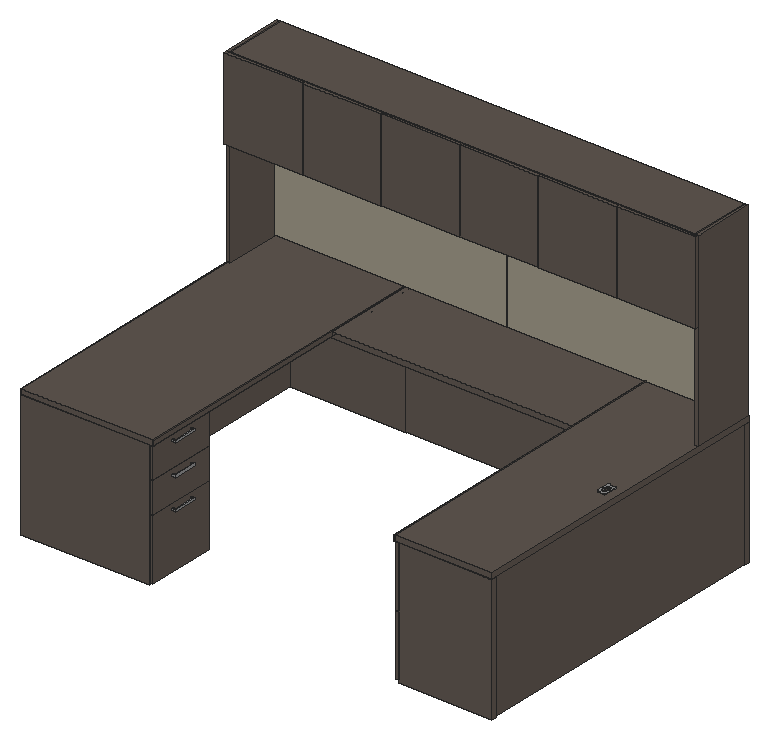
Revit family "T100140", category Furniture, Revit 2022
Family settings
  OmniClass Number = 23.40.20.00
  OmniClass Title = General Furniture and Specialties
  Work Plane-Based = No
  Always vertical = Yes
  Cut with Voids When Loaded = No
  Render Appearance Source = Family Geometry
  Shared = No
  Room Calculation Point = No
Parameters (values of type "T100140")
  URL = "https://ofs.com/"
  Model = "T100140"
  Manufacturer = "OFS"
  Description = "OFS TYPICAL T100140"
  Default Elevation = 0"
  Copyright © = "©OFS 2021"
  Catalog = "https://ofs.com/2020-experience"
  Authoring Version = "Autodesk Revit Architecture 2015"
  Assembly Code = "E2020400"
Reference planes (in)
  plane 1 "Center Front/Back": y = 0
  plane 2: z = 0
  plane 3 "Center Left/Right": x = 0
Dimensions and locks (in)
  aligned and locked: level to plane 2
Nested families (in)
  nested 1: "FIRST OFFICE-PULSE_TOPS_MDLR_CABINET_--22MCT" at (4.04171, 26.69484, 0) x (-1, 0, 0) z (0, 0, 1), type "PULSE_TOP_CABINET_4-5422MCT"
  nested 2: "FIRST OFFICE-PULSE_BACK_PANELS_--29MCB" at (4, 34.93664, 0) x (-1, 0, 0) z (0, 0, 1), type "PULSE-BACK-PANEL_4-5429MCB"
  nested 3: "FIRST OFFICE-PULSE_CREDENZA_SINGLE_PED_RIGHT" at (46.04171, -0.00087, 0) x (0, -1, 0) z (0, 0, 1), type "FIRST OFFICE-PULSE_CREDENZA_SINGLE_PED_RIGHT_4-7222FCRR"
    with TOP D SIZE yes, THICKNESS 1.188", CENTER GROMMET yes
  nested 4: "FIRST OFFICE-PULSE_TACKBOARDS_FOR_HIGHBACK_ORGNZRS" at (0.98624, 29.18629, 0), type "PULSE_TACKBOARD_FOR HIGHBACK_FT1080"
  nested 5: "FIRST OFFICE-PULSE_DESK_SINGLE_PED_LEFT" at (-34.77783, 0.01979, 0) x (0, 1, 0) z (0, 0, 1), type "PULSE_DESK_SNGL_PED_4-7230FLPD."
    with TOP D SIZE yes, THICKNESS 1.188"
  nested 6: "OFS PULSE HIGHBACK ORGANIZERS w 6 DOORS" at (0, 36.01526, 0.5), type "Highback Organizer 6 Doors 106x43"
Definition of nested family "FIRST OFFICE-PULSE_TOPS_MDLR_CABINET_--22MCT"
  Parameters (values of type "PULSE_TOP_CABINET_4-4822MCT")
    URL = "http://www.firstoffice.com/products/casegoods/pulse"
    TOP D SIZE = yes
    THICKNESS = if(TOP D SIZE, 1.188", 1.563")  # 1.188"
    ENVIRONMENTAL = "http://www.firstoffice.com/information/environment"
    TOP WIDTH = 48"
    TOP CORE = none
    Manufacturer = "FIRST OFFICE-PULSE"
    MODEL NUMBER = "4-4822MCT"
    MANUFACTURERS' CODE = "FOF"
    EDGE SHAPE = none
    Description = "PULSE MODULAR CABINET TOP 48X22"
    Default Elevation = 0"
    CATALOG CODE = "FOF"
  Types (13): name | TOP WIDTH | MODEL NUMBER | MANUFACTURERS' CODE | Description
    (no name) | 48" | "4-4822MCT" | "FOF" | "PULSE MODULAR CABINET TOP 48X22"
    PULSE_TOP_CABINET_4-3022MCT | 30" | "4-3022MCT" | "FOF" | "PULSE MODULAR CABINET TOP 30X22"
    PULSE_TOP_CABINET_4-3622MCT | 36" | "4-3622MCT" | "OFS" | "IMPULSE MODULAR CABINET TOP 36X22"
    PULSE_TOP_CABINET_4-4222MCT | 42" | "4-4222MCT" | "FOF" | "PULSE MODULAR CABINET TOP 42X22"
    PULSE_TOP_CABINET_4-4822MCT | 48" | "4-4822MCT" | "FOF" | "PULSE MODULAR CABINET TOP 48X22"
    PULSE_TOP_CABINET_4-5422MCT | 54" | "4-5422MCT" | "FOF" | "PULSE MODULAR CABINET TOP 54X22"
    PULSE_TOP_CABINET_4-6022MCT | 60" | "4-6022MCT" | "FOF" | "PULSE MODULAR CABINET TOP 60X22"
    PULSE_TOP_CABINET_4-6622MCT | 66" | "4-6622MCT" | "FOF" | "PULSE MODULAR CABINET TOP 66X22"
    PULSE_TOP_CABINET_4-7222MCT | 72" | "4-7222MCT" | "FOF" | "PULSE MODULAR CABINET TOP 72X22"
    PULSE_TOP_CABINET_4-7822MCT | 78" | "4-7822MCT" | "FOF" | "PULSE MODULAR CABINET TOP 78X22"
    PULSE_TOP_CABINET_4-8422MCT | 84" | "4-8422MCT" | "FOF" | "PULSE MODULAR CABINET TOP 84X22"
    PULSE_TOP_CABINET_4-9022MCT | 90" | "4-9022MCT" | "FOF" | "PULSE MODULAR CABINET TOP 90X22"
    PULSE_TOP_CABINET_4-9622MCT | 96" | "4-9622MCT" | "FOF" | "PULSE MODULAR CABINET TOP 96X22"
  Reference planes (in)
    plane 1 "Center Front/Back": y = 1.69571
    plane 2: z = 0
    plane 3 "Center Left/Right": x = 0
    plane 4 "LEFT": x = -24
    plane 5 "RIGHT": x = 24
    plane 6 "TOP TOP": z = 30
    plane 7 "TOP BOTTOM": z = 28.812
    plane 8: y = 12.69571
    plane 9: y = -9.30429
    plane 10: y = -9.17929
  Forms (in)
    Extrusion 1, solid, material <- "TOP CORE"
      sketch origin (0, 0, 30) x (0, 1, 0) y (-1, 0, 0)
        loop
          line (12.69571, 24) -> (-9.17929, 24) -> (-9.17929, -24) -> (12.69571, -24) -> (12.69571, 24)
      from -1.188 to 0
    Extrusion 2, solid, material <- "EDGE SHAPE"
      sketch origin (0, 10.4375, 0) x (0, 1, 0) y (0, 0, 1)
        loop
          line (-19.61679, 28.812) -> (-19.61679, 30)
          arc (-19.61679, 30) -> (-19.70518, 29.96339) -> (-19.74179, 29.875) r 0.125
          line (-19.74179, 29.875) -> (-19.74179, 28.937)
          arc (-19.74179, 28.937) -> (-19.70518, 28.84861) -> (-19.61679, 28.812) r 0.125
      from -24 to 24
  Lines and regions (in)
    Masking region 1
      outline origin (0, 0, 0) x (1, 0, 0) y (0, 1, 0)
        loop
          line (-24, 12.69571) -> (-24, -9.30429) -> (24, -9.30429) -> (24, 12.69571) -> (-24, 12.69571)
  Dimensions and locks (in)
    equal spacing: plane 4 "LEFT", plane 3 "Center Left/Right", plane 5 "RIGHT"
    "TOP WIDTH": plane 4 "LEFT" to plane 5 "RIGHT"
    locked: plane 9 to plane 8 at 22
    equal spacing: plane 9, plane 1 "Center Front/Back", plane 8
    "THICKNESS": plane 6 "TOP TOP" to plane 7 "TOP BOTTOM"
    locked: plane 9 to plane 10 at 0.125
    plane 7 "TOP BOTTOM" to plane 2 = 28.812"
    aligned: Extrusion 1 to plane 7 "TOP BOTTOM"
    aligned: Extrusion 1 to plane 6 "TOP TOP"
    aligned and locked: Extrusion 2 to plane 4 "LEFT"
    aligned and locked: plane 5 "RIGHT" to Extrusion 2
    aligned and locked: plane 8 to Extrusion 1 sketch curve
    aligned and locked: Extrusion 2 sketch curve to plane 9
    aligned and locked: plane 10 to Extrusion 2 sketch curve
    aligned and locked: plane 10 to Extrusion 1 sketch curve
    aligned and locked: Extrusion 2 sketch curve to plane 6 "TOP TOP"
    aligned and locked: Extrusion 2 sketch curve to plane 7 "TOP BOTTOM"
    aligned and locked: Extrusion 1 to plane 7 "TOP BOTTOM"
  Automatic sketch dimensions
    Extrusion 1 sketch curve to plane 4 "LEFT" = 0"
    Extrusion 1 sketch curve to plane 5 "RIGHT" = 0"
    Masking region 1 sketch curve to plane 4 "LEFT" = 0"
    Masking region 1 sketch curve to plane 5 "RIGHT" = 0"
    plane 9 to Masking region 1 sketch curve = 0"
    plane 8 to Masking region 1 sketch curve = 0"
Definition of nested family "FIRST OFFICE-PULSE_BACK_PANELS_--29MCB"
  Parameters (values of type "PULSE-BACK-PANEL_4-4829MCB")
    URL = "http://www.firstoffice.com/products/casegoods/pulse"
    Manufacturer = "FIRST OFFICE-PULSE"
    MODESTY VENEER = none
    MODEL NUMBER = "4-4829MCB"
    MANUFACTURERS' CODE = "FOF"
    ENVIRONMENT = "http://www.firstoffice.com/information/environment"
    Description = "PULSE BACK PANEL 48"
    Default Elevation = 0"
    CATALOG CODE = "FOF"
    MODESTY WIDTH = 48"
  Types (13): name | MODEL NUMBER | Description | MODESTY WIDTH
    (no name) | "4-4829MCB" | "PULSE BACK PANEL 48" | 48"
    PULSE-BACK-PANEL_4-3029MCB | "4-3029MCB" | "PULSE BACK PANEL 30" | 30"
    PULSE-BACK-PANEL_4-3629MCB | "4-3629MCB" | "PULSE BACK PANEL 36" | 36"
    PULSE-BACK-PANEL_4-4229MCB | "4-4229MCB" | "PULSE BACK PANEL 42" | 42"
    PULSE-BACK-PANEL_4-4829MCB | "4-4829MCB" | "PULSE BACK PANEL 48" | 48"
    PULSE-BACK-PANEL_4-5429MCB | "4-5429MCB" | "PULSE BACK PANEL 54" | 54"
    PULSE-BACK-PANEL_4-6029MCB | "4-6029MCB" | "PULSE BACK PANEL 60" | 60"
    PULSE-BACK-PANEL_4-6629MCB | "4-6629MCB" | "PULSE BACK PANEL 66" | 66"
    PULSE-BACK-PANEL_4-7229MCB | "4-7229MCB" | "PULSE BACK PANEL 72" | 72"
    PULSE-BACK-PANEL_4-7829MCB | "4-7829MCB" | "PULSE BACK PANEL 78" | 78"
    PULSE-BACK-PANEL_4-8429MCB | "4-8429MCB" | "PULSE BACK PANEL 84" | 84"
    PULSE-BACK-PANEL_4-9029MCB | "4-9029MCB" | "PULSE BACK PANEL 90" | 90"
    PULSE-BACK-PANEL_4-9629MCB | "4-9629MCB" | "PULSE BACK PANEL 96" | 96"
  Reference planes (in)
    plane 1 "BACK": y = 0
    plane 2: z = 0
    plane 3 "Center Left/Right": x = 0
    plane 4 "LEFT": x = -24
    plane 5 "RIGHT": x = 24
    plane 6 "FRONT": y = -1.063
    plane 7 "PANEL TOP": z = 28.687
    plane 8: z = 0.5
    plane 9: z = 28.562
    plane 10: y = -0.125
    plane 11: x = -23.875
    plane 12: x = 23.875
  Forms (in)
    Extrusion 1, solid, material <- "MODESTY VENEER"
      sketch origin (0, 0, 0) x (1, 0, 0) y (0, 0, 1)
        loop
          line (-24, 28.562) -> (-24, 0.5) -> (24, 0.5) -> (24, 28.562) -> (-24, 28.562)
      from 0 to 1.063
    Extrusion 2, solid
      sketch origin (0, 0, 28.687) x (0, 1, 0) y (-1, 0, 0)
        loop
          line (-0.125, 23.875) -> (-1.063, 23.875) -> (-1.063, -23.875) -> (-0.125, -23.875) -> (-0.125, 23.875)
      from -0.125 to 0
  Lines and regions (in)
    Masking region 1
      outline origin (0, 0, 0) x (1, 0, 0) y (0, 1, 0)
        loop
          line (-24, 0) -> (-24, -1.063) -> (24, -1.063) -> (24, 0) -> (-24, 0)
    Masking region 2
      outline origin (0, 0, 0) x (1, 0, 0) y (0, 1, 0)
        loop
          line (-24, 0) -> (-24, -1.063) -> (24, -1.063) -> (24, 0) -> (-24, 0)
  Dimensions and locks (in)
    "MODESTY WIDTH": plane 4 "LEFT" to plane 5 "RIGHT"
    locked: plane 7 "PANEL TOP" to plane 2 at 28.687
    equal spacing: plane 4 "LEFT", plane 3 "Center Left/Right", plane 5 "RIGHT"
    locked: plane 8 to plane 2 at 0.5
    locked: plane 7 "PANEL TOP" to plane 9 at 0.125
    locked: plane 4 "LEFT" to plane 11 at 0.125
    locked: plane 12 to plane 5 "RIGHT" at 0.125
    aligned and locked: Masking region 1 sketch curve to plane 4 "LEFT"
    aligned and locked: plane 5 "RIGHT" to Masking region 1 sketch curve
    aligned and locked: Extrusion 1 sketch curve to plane 4 "LEFT"
    aligned and locked: plane 5 "RIGHT" to Extrusion 1 sketch curve
    aligned: Extrusion 1 to plane 8
    aligned: plane 6 "FRONT" to Extrusion 1
    aligned and locked: plane 9 to Extrusion 1 sketch curve
    aligned and locked: plane 7 "PANEL TOP" to Extrusion 2
    aligned and locked: Extrusion 2 to plane 9
  Automatic sketch dimensions
    plane 6 "FRONT" to Masking region 1 sketch curve = 0"
    plane 1 "BACK" to Masking region 1 sketch curve = 0"
    Masking region 2 sketch curve to plane 4 "LEFT" = 0"
    plane 1 "BACK" to Masking region 2 sketch curve = 0"
    Masking region 2 sketch curve to plane 5 "RIGHT" = 0"
    plane 6 "FRONT" to Masking region 2 sketch curve = 0"
    Extrusion 1 sketch curve to plane 8 = 0"
    plane 6 "FRONT" to Extrusion 2 sketch curve = 0"
    plane 10 to Extrusion 2 sketch curve = 0"
    Extrusion 2 sketch curve to plane 12 = 0"
    Extrusion 2 sketch curve to plane 11 = 0"
Definition of nested family "FIRST OFFICE-PULSE_CREDENZA_SINGLE_PED_RIGHT"
  Parameters (values of type "FIRST OFFICE-PULSE_CREDENZA_SINGLE_PED_RIGHT_4-7222FCRR")
    URL = "http://www.firstoffice.com/products/casegoods/pulse"
    TOP D SIZE [instance] = yes
    THICKNESS [instance] = if(TOP D SIZE, 1.188", 1.563")  # 1.188"
    PEDESTAL HEIGHT = 28.187"
    Default Elevation = 0"
    DRAWER FRONT = none
    ENVIRONMENTAL = "http://www.firstoffice.com/information/environment"
    TOP CORE = none
    Manufacturer = "FIRST OFFICE-PULSE"
    MODEL NUMBER = "4-7222FCRR"
    MANUFACTURERS' CODE = "FOF"
    EDGE SHAPE = none
    Description = "PULSE SINGLE PED CREDENZA RIGHT FULL 72X22"
    CREDENZA WIDTH = 72"
    CHASSIS = none
    CENTER GROMMET [instance] = yes
    CATALOG CODE = "FOF"
  Types (6): name | URL | PEDESTAL HEIGHT | MODEL NUMBER | Description | CREDENZA WIDTH
    (no name) | "http://www.firstoffice.com/products/casegoods/pulse" | 28.187" | "4-7222FCRR" | "PULSE SINGLE PED CREDENZA RIGHT FULL 72X22" | 72"
    FIRST OFFICE-PULSE_CREDENZA_SINGLE_PED_RIGHT_4-6022FCRR | "http://www.firstoffice.com/products/casegoods/pulse\r\nhttp://www.firstoffice.com/products/casegoods/pulse\r\nhttp://www.firstoffice.com/products/casegoods/pulse" | 28.187" | "4-6022FCRR" | "PULSE SINGLE PED CREDENZA RIGHT FULL 60X22" | 60"
    FIRST OFFICE-PULSE_CREDENZA_SINGLE_PED_RIGHT_4-6622FCRR | "http://www.firstoffice.com/products/casegoods/pulse" | 28.187" | "4-6622FCRR" | "PULSE SINGLE PED CREDENZA RIGHT FULL 66X22" | 66"
    FIRST OFFICE-PULSE_CREDENZA_SINGLE_PED_RIGHT_4-7222FCRR | "http://www.firstoffice.com/products/casegoods/pulse" | 28.187" | "4-7222FCRR" | "PULSE SINGLE PED CREDENZA RIGHT FULL 72X22" | 72"
    FIRST OFFICE-PULSE_CREDENZA_SINGLE_PED_RIGHT_4-6622CRR | "http://www.firstoffice.com/products/casegoods/pulse" | 21 1/4" | "4-6622CRR" | "PULSE SINGLE PED CREDENZA 3/4 RIGHT 66X22" | 66"
    FIRST OFFICE-PULSE_CREDENZA_SINGLE_PED_RIGHT_4-7222CRR | "http://www.firstoffice.com/products/casegoods/pulse" | 21 1/4" | "4-7222CRR" | "PULSE SINGLE PED CREDENZA 3/4 RIGHT 72X22" | 72"
  Reference planes (in)
    plane 1 "Center Front/Back": y = -4
    plane 2: z = 0
    plane 3 "Center Left/Right": x = 0
    plane 4 "LEFT": x = -36
    plane 5 "RIGHT": x = 36
    plane 6 "DESK TOP": z = 30
    plane 7 "BASE HEIGHT": z = 28.812
    plane 8 "FRONT": y = -15
    plane 9 "PEDESTAL BOTTOM": z = 0.5
    plane 10 "PEDESTAL TOP": z = 28.687
    plane 11: z = 1.063
    plane 12 "PEDESTAL FRONT": y = -14
    plane 13 "DRAWER FRONT": y = -14.75
    plane 14: z = 14.813
    plane 15: z = 14.938
    plane 16: x = 35.937
    plane 17: x = 20.187
    plane 18: x = 20.124
    plane 19: x = -35
    plane 20: x = 34.937
    plane 21: x = 20.874
    plane 22: z = 1.25
    plane 23 "MODESTY PANEL": y = 7
    plane 24: y = 5.95
    plane 25: y = 6.7
    plane 26: z = 30.07
  Forms (in)
    Extrusion 1, solid, material <- "DRAWER FRONT"
      sketch origin (0, -14.75, 0) x (-1, 0, 0) y (0, 0, -1)
        loop
          line (-35.937, -14.813) -> (-20.187, -14.813) -> (-20.187, -1.063) -> (-35.937, -1.063) -> (-35.937, -14.813)
      from -0.75 to 0
    Extrusion 2, solid, material <- "DRAWER FRONT"
      sketch origin (0, -14.75, 0) x (-1, 0, 0) y (0, 0, -1)
        loop
          line (-35.937, -28.687) -> (-20.187, -28.687) -> (-20.187, -14.938) -> (-35.937, -14.938) -> (-35.937, -28.687)
      from -0.75 to 0
    Extrusion 3, solid, material <- "CHASSIS"
      sketch origin (-36, 0, 0) x (0, 1, 0) y (0, 0, 1)
        loop
          line (-15, 28.687) -> (-15, 0.499) -> (7, 0.499) -> (7, 28.687) -> (-15, 28.687)
      from 0 to 1
    Extrusion 4, solid, material <- "CHASSIS"
      sketch origin (36, 0, 0) x (0, 1, 0) y (0, 0, -1)
        loop
          line (-14, -28.687) -> (7, -28.687) -> (7, -0.499) -> (-14, -0.499) -> (-14, -28.687)
      from 0 to 1.063
    Extrusion 5, solid, material <- "CHASSIS"
      sketch origin (18, 0, 0) x (0, 1, 0) y (0, 0, -1)
        loop
          line (-14, -28.812) -> (5.95, -28.812) -> (5.95, -0.5) -> (-14, -0.5) -> (-14, -28.812)
      from -2.874 to -2.124
    Extrusion 6, solid, material <- "CHASSIS"
      sketch origin (0, 7, 0) x (-1, 0, 0) y (0, 0, 1)
        loop
          line (-34.937, 28.812) -> (-34.937, 0.499) -> (35, 0.499) -> (35, 28.812) -> (-34.937, 28.812)
      from -1.05 to -0.3
    Extrusion 7, solid, material <- "CHASSIS"
      sketch origin (0, 0, 0.5) x (0, 1, 0) y (-1, 0, 0)
        loop
          line (5.95, -20.874) -> (-14, -20.874) -> (-14, -34.937) -> (5.95, -34.937) -> (5.95, -20.874)
      from 0 to 0.75
    Extrusion 8, solid, material <- "TOP CORE"
      sketch origin (0, 0, 30) x (0, 1, 0) y (-1, 0, 0)
        loop
          line (7, 36) -> (-14.875, 36) -> (-14.875, -36) -> (7, -36) -> (7, 36)
      from -1.188 to 0
    Extrusion 9, solid, material <- "EDGE SHAPE"
      sketch origin (0, 0, 0) x (0, 1, 0) y (0, 0, 1)
        loop
          line (-14.875, 28.812) -> (-14.875, 30)
          arc (-14.875, 30) -> (-14.96339, 29.96339) -> (-15, 29.875) r 0.125
          line (-15, 29.875) -> (-15, 28.937)
          arc (-15, 28.937) -> (-14.96339, 28.84861) -> (-14.875, 28.812) r 0.125
      from -36 to 36
    Extrusion 10, solid
      sketch origin (19.03911, -15.37535, 22.938) x (-1, 0, 0) y (0, -1, 0)
        loop
          line (-11.74164, -0.62535) -> (-11.36664, -0.62535) -> (-11.36664, 0.18715) -> (-6.67914, 0.18715) -> (-6.67914, -0.62535) -> (-6.30414, -0.62535) -> (-6.30414, 0.37465) -> (-11.74164, 0.37465) -> (-11.74164, -0.62535)
      from 4.53125 to 5
    Extrusion 11, solid
      sketch origin (19.03911, -15.37535, 9.063) x (-1, 0, 0) y (0, -1, 0)
        loop
          line (-11.74164, -0.62535) -> (-11.36664, -0.62535) -> (-11.36664, 0.18715) -> (-6.67914, 0.18715) -> (-6.67914, -0.62535) -> (-6.30414, -0.62535) -> (-6.30414, 0.37465) -> (-11.74164, 0.37465) -> (-11.74164, -0.62535)
      from 4.53125 to 5
    Extrusion 12, solid
      sketch origin (0, 0, 28.687) x (0, 1, 0) y (-1, 0, 0)
        loop
          line (6.875, 35) -> (6.875, 35.875) -> (-14.875, 35.875) -> (-14.875, 35) -> (6.875, 35)
      from 0 to 0.125
    Extrusion 13, solid
      sketch origin (0, 0, 28.687) x (0, 1, 0) y (-1, 0, 0)
        loop
          line (6.875, -34.937) -> (-14, -34.937) -> (-14, -35.875) -> (6.875, -35.875) -> (6.875, -34.937)
      from 0 to 0.125
    Extrusion 14, solid, visible <- "CENTER GROMMET"
      sketch origin (0, -7, 29.972) x (0, 1, 0) y (-1, 0, 0)
        loop
          arc (12, 1.25) -> (11.87186, 1.55936) -> (11.5625, 1.6875) r 0.4375
          line (11.5625, 1.6875) -> (10.4375, 1.6875)
          arc (10.4375, 1.6875) -> (10.12814, 1.55936) -> (10, 1.25) r 0.4375
          line (10, 1.25) -> (10, 0) -> (10.62004, 0) -> (10.62004, 0.4375)
          arc (10.62004, 0.4375) -> (10.69471, 0.61779) -> (10.875, 0.69246) r 0.25496
          line (10.875, 0.69246) -> (11.125, 0.69246)
          arc (11.125, 0.69246) -> (11.30529, 0.61779) -> (11.37996, 0.4375) r 0.25496
          line (11.37996, 0.4375) -> (11.37996, 0) -> (12, 0) -> (12, 1.25)
      from 0.028 to 0.098
    Sweep 15, void
      path origin (0, -7, 30) x (0, 1, 0) y (-1, 0, 0)
        loop
          line (11.37996, 0) -> (11.37996, 0.4375)
          arc (11.37996, 0.4375) -> (11.30529, 0.61779) -> (11.125, 0.69246) r 0.25496
          line (11.125, 0.69246) -> (10.875, 0.69246)
          arc (10.875, 0.69246) -> (10.69471, 0.61779) -> (10.62004, 0.4375) r 0.25496
          line (10.62004, 0.4375) -> (10.62004, 0)
      profile origin (-0.69246, 4, 30) x (1, 0, 0) y (0, 0, 1)
        loop
          arc (-0.07, 0.07) -> (-0.0205, 0.0495) -> (0, 0) r 0.07
          line (0, 0) -> (0, 0.07) -> (-0.07, 0.07)
    Extrusion 16, solid, visible <- "CENTER GROMMET"
      sketch origin (0, -7, 29.942) x (0, 1, 0) y (-1, 0, 0)
        loop
          line (12, -1.25) -> (12, 0) -> (11.37996, 0) -> (11.37996, -0.4375)
          arc (11.37996, -0.4375) -> (11.30529, -0.61779) -> (11.125, -0.69246) r 0.25496
          line (11.125, -0.69246) -> (10.875, -0.69246)
          arc (10.875, -0.69246) -> (10.69471, -0.61779) -> (10.62004, -0.4375) r 0.25496
          line (10.62004, -0.4375) -> (10.62004, 0) -> (10, 0) -> (10, -1.25)
          arc (10, -1.25) -> (10.12814, -1.55936) -> (10.4375, -1.6875) r 0.4375
          line (10.4375, -1.6875) -> (11.5625, -1.6875)
          arc (11.5625, -1.6875) -> (11.87186, -1.55936) -> (12, -1.25) r 0.4375
      from 0.058 to 0.128
    Sweep 17, void
      path origin (0, -7, 30) x (0, 1, 0) y (1, 0, 0)
        loop
          line (11.37996, 0) -> (11.37996, 0.4375)
          arc (11.37996, 0.4375) -> (11.30529, 0.61779) -> (11.125, 0.69246) r 0.25496
          line (11.125, 0.69246) -> (10.875, 0.69246)
          arc (10.875, 0.69246) -> (10.69471, 0.61779) -> (10.62004, 0.4375) r 0.25496
          line (10.62004, 0.4375) -> (10.62004, 0)
      profile origin (0.69247, 4, 30) x (1, 0, 0) y (0, 0, 1)
        loop
          line (0.07, 0.07) -> (0, 0.07) -> (0, 0)
          arc (0, 0) -> (0.0205, 0.0495) -> (0.07, 0.07) r 0.07
    Extrusion 18, void
      sketch origin (0, 0, 30) x (0, 1, 0) y (-1, 0, 0)
        loop
          line (3.5, 0.75) -> (3.5, -0.75) -> (4.5, -0.75) -> (4.5, 0.75) -> (3.5, 0.75)
      from -1.188 to 0
  Cuts and joins
    Sweep 15, Extrusion 18 cuts Extrusion 14
    Sweep 15, Sweep 17, Extrusion 18 cuts Extrusion 16
    Extrusion 18 cuts Extrusion 8
  Lines and regions (in)
    Masking region 1
      outline origin (0, 0, 0) x (1, 0, 0) y (0, 1, 0)
        loop
          line (-36, 7) -> (-36, -15) -> (36, -15) -> (36, 7) -> (-36, 7)
    Masking region 2
      outline origin (0, 0, 0) x (0, 1, 0) y (-1, 0, 0)
        loop
          line (-15, -30.78075) -> (-15, -30.40575) -> (-15.5625, -30.40575) -> (-15.5625, -25.71825) -> (-15, -25.71825) -> (-15, -25.34325) -> (-15.75, -25.34325) -> (-15.75, -30.78075) -> (-15, -30.78075)
    Masking region 3, visible <- "CENTER GROMMET"
      outline origin (0, -7, 30) x (0, 1, 0) y (-1, 0, 0)
        loop
          arc (12, 1.25) -> (11.87186, 1.55936) -> (11.5625, 1.6875) r 0.4375
          line (11.5625, 1.6875) -> (10.4375, 1.6875)
          arc (10.4375, 1.6875) -> (10.12814, 1.55936) -> (10, 1.25) r 0.4375
          line (10, 1.25) -> (10, 0) -> (10.62004, 0) -> (10.62004, 0.4375)
          arc (10.62004, 0.4375) -> (10.69471, 0.61779) -> (10.875, 0.69246) r 0.25496
          line (10.875, 0.69246) -> (11.125, 0.69246)
          arc (11.125, 0.69246) -> (11.30529, 0.61779) -> (11.37996, 0.4375) r 0.25496
          line (11.37996, 0.4375) -> (11.37996, 0) -> (12, 0) -> (12, 1.25)
    Masking region 4, visible <- "CENTER GROMMET"
      outline origin (0, -7, 30) x (1, 0, 0) y (0, 1, 0)
        loop
          line (1.25, 12) -> (0, 12) -> (0, 11.37996) -> (0.4375, 11.37996)
          arc (0.4375, 11.37996) -> (0.61779, 11.30529) -> (0.69246, 11.125) r 0.25496
          line (0.69246, 11.125) -> (0.69246, 10.875)
          arc (0.69246, 10.875) -> (0.61779, 10.69471) -> (0.4375, 10.62004) r 0.25496
          line (0.4375, 10.62004) -> (0, 10.62004) -> (0, 10) -> (1.25, 10)
          arc (1.25, 10) -> (1.55936, 10.12814) -> (1.6875, 10.4375) r 0.4375
          line (1.6875, 10.4375) -> (1.6875, 11.5625)
          arc (1.6875, 11.5625) -> (1.55936, 11.87186) -> (1.25, 12) r 0.4375
  Dimensions and locks (in)
    equal spacing: plane 4 "LEFT", plane 3 "Center Left/Right", plane 5 "RIGHT"
    "CREDENZA WIDTH": plane 4 "LEFT" to plane 5 "RIGHT"
    plane 15 to plane 14 to plane 11 = 1/8" locked, 13 3/4" locked
    plane 22 to plane 11 to plane 9 "PEDESTAL BOTTOM" = 0.187" locked, 0.563" locked
    locked: Extrusion 4 to Extrusion 3 sketch curve at 28.188
    locked: Extrusion 6 sketch curve to Extrusion 8 at 28.313
    plane 14 to Extrusion 11 to Extrusion 11 = 3/4" locked, 15/32" locked
    "PEDESTAL HEIGHT": plane 10 "PEDESTAL TOP" to plane 9 "PEDESTAL BOTTOM"
    plane 23 "MODESTY PANEL" to plane 25 to plane 24 = 0.3" locked, 3/4" locked
    locked: plane 8 "FRONT" to plane 23 "MODESTY PANEL" at 22
    equal spacing: plane 23 "MODESTY PANEL", plane 1 "Center Front/Back", plane 8 "FRONT"
    plane 18 to plane 17 to plane 21 to plane 20 to plane 16 to plane 5 "RIGHT" = 0.063" locked, 0.687" locked, 14.063" locked, 1" locked, 0.063" locked
    locked: plane 4 "LEFT" to plane 19 at 1
    plane 7 "BASE HEIGHT" to plane 10 "PEDESTAL TOP" to plane 2 = 1/8" locked, 28.687" locked
    "THICKNESS": plane 6 "DESK TOP" to plane 7 "BASE HEIGHT"
    locked: plane 26 to plane 6 "DESK TOP" at 0.07
    aligned and locked: plane 10 "PEDESTAL TOP" to Extrusion 3 sketch curve
    aligned: plane 12 "PEDESTAL FRONT" to Extrusion 3 sketch curve
    aligned: Extrusion 3 to plane 4 "LEFT"
    aligned: plane 19 to Extrusion 3
    aligned and locked: plane 5 "RIGHT" to Extrusion 4
    aligned and locked: plane 20 to Extrusion 4
    aligned and locked: Extrusion 5 to plane 21
    aligned and locked: plane 18 to Extrusion 5
    aligned and locked: plane 7 "BASE HEIGHT" to Extrusion 5
    aligned: Extrusion 4 to plane 9 "PEDESTAL BOTTOM"
    aligned and locked: Extrusion 5 to plane 9 "PEDESTAL BOTTOM"
    aligned and locked: plane 7 "BASE HEIGHT" to Extrusion 6 sketch curve
    aligned and locked: Extrusion 6 sketch curve to plane 20
    aligned and locked: Extrusion 6 sketch curve to plane 19
    aligned: Extrusion 6 to plane 24
    aligned: plane 23 "MODESTY PANEL" to Extrusion 6
    aligned and locked: plane 24 to Extrusion 5
    aligned and locked: Extrusion 7 to plane 9 "PEDESTAL BOTTOM"
    aligned and locked: plane 22 to Extrusion 7
    aligned and locked: Extrusion 7 sketch curve to plane 24
    aligned and locked: Extrusion 7 sketch curve to plane 21
    aligned and locked: plane 20 to Extrusion 7 sketch curve
    aligned and locked: Extrusion 7 sketch curve to plane 12 "PEDESTAL FRONT"
    aligned and locked: Extrusion 8 to plane 7 "BASE HEIGHT"
    aligned and locked: plane 6 "DESK TOP" to Extrusion 8
    aligned and locked: Extrusion 9 sketch curve to plane 8 "FRONT"
    aligned and locked: Extrusion 9 to plane 4 "LEFT"
    aligned and locked: plane 5 "RIGHT" to Extrusion 9
    aligned and locked: plane 15 to Extrusion 2 sketch curve
    aligned and locked: Extrusion 12 to plane 10 "PEDESTAL TOP"
    aligned and locked: plane 7 "BASE HEIGHT" to Extrusion 12
    aligned and locked: level to plane 2
    aligned and locked: Extrusion 6 to Extrusion 4
    aligned and locked: Masking region 1 sketch curve to plane 23 "MODESTY PANEL"
    aligned: plane 23 "MODESTY PANEL" to Extrusion 3
    aligned and locked: Extrusion 8 sketch curve to Masking region 1
    aligned and locked: plane 23 "MODESTY PANEL" to Extrusion 4
    aligned and locked: plane 25 to Extrusion 6
    aligned and locked: Extrusion 6 to plane 24
    aligned and locked: Extrusion 14 to Sweep 15
    aligned and locked: Extrusion 16 to Sweep 15
    aligned and locked: plane 6 "DESK TOP" to cut or joined group of Extrusion 8, Extrusion 18
    aligned and locked: cut or joined group of Extrusion 8, Extrusion 18 to plane 7 "BASE HEIGHT"
    aligned and locked: plane 19 to Extrusion 3
    aligned and locked: plane 26 to cut or joined group of Extrusion 14, Sweep 15, Extrusion 18
    aligned and locked: Sweep 15 sketch curve to plane 26
    aligned and locked: plane 6 "DESK TOP" to Sweep 15 sketch curve
    aligned and locked: plane 26 to Sweep 17 sketch curve
    aligned and locked: plane 6 "DESK TOP" to Sweep 17 sketch curve
    aligned and locked: cut or joined group of Extrusion 14, Sweep 15, Extrusion 18 to plane 6 "DESK TOP"
    aligned and locked: cut or joined group of Sweep 15, Extrusion 16, Sweep 17, Extrusion 18 to plane 6 "DESK TOP"
  Automatic sketch dimensions
    Extrusion 1 sketch curve to plane 14 = 0"
    Extrusion 1 sketch curve to plane 16 = 0"
    Extrusion 1 sketch curve to plane 11 = 0"
    plane 17 to Extrusion 1 sketch curve = 0"
    Extrusion 2 sketch curve to plane 16 = 0"
    Extrusion 2 sketch curve to plane 10 "PEDESTAL TOP" = 0"
    plane 17 to Extrusion 2 sketch curve = 0"
    Extrusion 3 sketch curve to plane 23 "MODESTY PANEL" = 0"
    Extrusion 4 sketch curve to plane 10 "PEDESTAL TOP" = 0"
    Extrusion 4 sketch curve to plane 12 "PEDESTAL FRONT" = 0"
    Extrusion 4 sketch curve to plane 23 "MODESTY PANEL" = 0"
    level to Extrusion 4 sketch curve = 0.499"
    Extrusion 5 sketch curve to plane 7 "BASE HEIGHT" = 0"
    Extrusion 5 sketch curve to plane 12 "PEDESTAL FRONT" = 0"
    Extrusion 5 sketch curve to plane 9 "PEDESTAL BOTTOM" = 0"
    Extrusion 5 sketch curve to plane 24 = 0"
    Extrusion 8 sketch curve to plane 4 "LEFT" = 0"
    Extrusion 8 sketch curve to plane 5 "RIGHT" = 0"
    Extrusion 8 sketch curve to plane 8 "FRONT" = 1/8"
    Extrusion 9 sketch curve to plane 6 "DESK TOP" = 0"
    Extrusion 9 sketch curve to plane 7 "BASE HEIGHT" = 0"
    Extrusion 9 sketch curve to plane 8 "FRONT" = 1/8"
    plane 13 "DRAWER FRONT" to Extrusion 10 sketch curve = 0"  (x2)
    plane 20 to Extrusion 10 sketch curve = 4 5/32"
    Extrusion 10 sketch curve to Extrusion 10 sketch curve = 3/8"  (x2)
    plane 8 "FRONT" to Extrusion 10 sketch curve = 9/16"
    Extrusion 10 sketch curve to Extrusion 10 sketch curve = 4 11/16"
    Extrusion 10 sketch curve to Extrusion 10 sketch curve = 3/16"
    plane 13 "DRAWER FRONT" to Extrusion 11 sketch curve = 0"  (x2)
    plane 20 to Extrusion 11 sketch curve = 4 5/32"
    Extrusion 11 sketch curve to Extrusion 11 sketch curve = 3/8"  (x2)
    plane 8 "FRONT" to Extrusion 11 sketch curve = 9/16"
    Extrusion 11 sketch curve to Extrusion 11 sketch curve = 4 11/16"
    Extrusion 11 sketch curve to Extrusion 11 sketch curve = 3/16"
    Masking region 1 sketch curve to plane 4 "LEFT" = 0"
    Masking region 1 sketch curve to plane 5 "RIGHT" = 0"
    plane 8 "FRONT" to Masking region 1 sketch curve = 0"
    plane 8 "FRONT" to Masking region 2 sketch curve = 0"  (x2)
    Masking region 2 sketch curve to Masking region 2 sketch curve = 9/16"
    Masking region 2 sketch curve to Masking region 2 sketch curve = 3/16"
    plane 20 to Masking region 2 sketch curve = 4 5/32"
    Masking region 2 sketch curve to Masking region 2 sketch curve = 3/8"  (x2)
    Masking region 2 sketch curve to Masking region 2 sketch curve = 4 11/16"
    plane 12 "PEDESTAL FRONT" to Extrusion 12 sketch curve = 7/8"
    Extrusion 12 sketch curve to plane 19 = 0"
    Extrusion 12 sketch curve to plane 23 "MODESTY PANEL" = 1/8"
    plane 12 "PEDESTAL FRONT" to Extrusion 13 sketch curve = 0"
    Extrusion 13 sketch curve to plane 20 = 0"
    plane 16 to Extrusion 13 sketch curve = 0.062"
    plane 23 "MODESTY PANEL" to Extrusion 13 sketch curve = 1/8"
    Extrusion 14 sketch curve to plane 3 "Center Left/Right" = 1 1/4"
    Extrusion 14 sketch curve to plane 1 "Center Front/Back" = 7"
    Extrusion 14 sketch curve to Extrusion 14 sketch curve = 7/16"  (x3)
    Extrusion 14 sketch curve to Extrusion 14 sketch curve = 0.62004"  (x2)
    Extrusion 14 sketch curve to Extrusion 14 sketch curve = 0.25496"  (x2)
    Extrusion 14 sketch curve to Extrusion 14 sketch curve = 1/4"
    Extrusion 14 sketch curve to plane 3 "Center Left/Right" = 0"  (x2)
    Sweep 15 sketch curve to plane 3 "Center Left/Right" = 7/16"
    Sweep 15 sketch curve to plane 1 "Center Front/Back" = 7.62004"
    Sweep 15 sketch curve to Sweep 15 sketch curve = 0.25496"  (x2)
    Sweep 15 sketch curve to Sweep 15 sketch curve = 1/4"
    Sweep 15 sketch curve to plane 3 "Center Left/Right" = 0"  (x2)
    profile plane to Sweep 15 sketch curve = 0"
    plane 3 "Center Left/Right" to Extrusion 16 sketch curve = 1 1/4"
    Extrusion 16 sketch curve to plane 1 "Center Front/Back" = 7"
    Extrusion 16 sketch curve to Extrusion 16 sketch curve = 7/16"  (x2)
    plane 3 "Center Left/Right" to Extrusion 16 sketch curve = 7/16"
    Extrusion 16 sketch curve to Extrusion 16 sketch curve = 0.62004"  (x2)
    Extrusion 16 sketch curve to Extrusion 16 sketch curve = 0.25496"  (x2)
    Extrusion 16 sketch curve to Extrusion 16 sketch curve = 1/4"
    plane 3 "Center Left/Right" to Extrusion 16 sketch curve = 0"  (x2)
    Sweep 17 sketch curve to plane 3 "Center Left/Right" = 7/16"
    plane 1 "Center Front/Back" to Sweep 17 sketch curve = 7.62004"
    Sweep 17 sketch curve to Sweep 17 sketch curve = 0.25496"  (x2)
    Sweep 17 sketch curve to Sweep 17 sketch curve = 1/4"
    Sweep 17 sketch curve to plane 3 "Center Left/Right" = 0"  (x2)
    profile plane to Sweep 17 sketch curve = 0"
    Masking region 3 sketch curve to plane 1 "Center Front/Back" = 7"
    Masking region 3 sketch curve to Masking region 3 sketch curve = 7/16"  (x3)
    Masking region 3 sketch curve to plane 3 "Center Left/Right" = 0"  (x2)
    Masking region 3 sketch curve to Masking region 3 sketch curve = 0.62004"  (x2)
    Masking region 3 sketch curve to Masking region 3 sketch curve = 0.25496"  (x2)
    Masking region 3 sketch curve to Masking region 3 sketch curve = 1/4"
    Masking region 3 sketch curve to Masking region 3 sketch curve = 13/16"
    plane 3 "Center Left/Right" to Masking region 4 sketch curve = 0"  (x2)
    plane 3 "Center Left/Right" to Masking region 4 sketch curve = 7/16"
    Masking region 4 sketch curve to Masking region 4 sketch curve = 0"
    Masking region 4 sketch curve to Masking region 4 sketch curve = 0.25496"
    Masking region 4 sketch curve to Masking region 4 sketch curve = 13/16"
    Masking region 4 sketch curve to Masking region 4 sketch curve = 0.55754"
    Masking region 4 sketch curve to Masking region 4 sketch curve = 7/16"  (x2)
    Masking region 4 sketch curve to plane 1 "Center Front/Back" = 7"
    Masking region 4 sketch curve to Masking region 4 sketch curve = 0.62004"
    Masking region 4 sketch curve to Masking region 4 sketch curve = 1/4"
    Extrusion 18 sketch curve to plane 24 = 2.45"
    Extrusion 18 sketch curve to Extrusion 18 sketch curve = 1"
    Extrusion 18 sketch curve to plane 3 "Center Left/Right" = 3/4"
    plane 3 "Center Left/Right" to Extrusion 18 sketch curve = 3/4"
    plane 12 "PEDESTAL FRONT" to Extrusion 3 sketch curve = 1"
    plane 4 "LEFT" to Extrusion 12 sketch curve = 1/8"
Definition of nested family "FIRST OFFICE-PULSE_TACKBOARDS_FOR_HIGHBACK_ORGNZRS"
  Parameters (values of type "PULSE_TACKBOARD_FOR HIGHBACK_FT1088")
    URL = "http://www.firstoffice.com/products/casegoods/pulse"
    TACKBOARD HEIGHT = 22 5/8"
    MODE NUMBER = "FT1088"
    ENVIRONMENTAL = "http://www.firstoffice.com/information/environment"
    Default Elevation = 0"
    1 PIECE = yes
    2 PIECE = no
    Model = ""
    Manufacturer = "FIRST OFFICE-PULSE"
    MANUFACTURERS' CODE = "FOF"
    Description = "PULSE TACKBOARD FOR HIGHBACK ORGANIZER 64X23"
    TACKBOARD WIDTH = 64 3/8"
    CATALOG CODE = "FOF"
    Assembly Code = ""
  Types (8): name | MODE NUMBER | ENVIRONMENTAL | 1 PIECE | 2 PIECE | Description | TACKBOARD WIDTH
    PULSE_TACKBOARD_FOR HIGHBACK_FT1080 | "FT1080" | "http://www.firstoffice.com/information/environment\r\nhttp://www.firstoffice.com/information/environment\r\nhttp://www.firstoffice.com/information/environment" | no | yes | "PULSE TACKBOARD FOR HIGHBACK ORGANIZER 104X23" | 104 3/8"
    PULSE_TACKBOARD_FOR HIGHBACK_FT1082 | "FT1082" | "http://www.firstoffice.com/information/environment" | yes | no | "PULSE TACKBOARD FOR HIGHBACK ORGANIZER 94X23" | 94 3/8"
    PULSE_TACKBOARD_FOR HIGHBACK_FT1084 | "FT1084" | "http://www.firstoffice.com/information/environment" | yes | no | "PULSE TACKBOARD FOR HIGHBACK ORGANIZER 88X23" | 88 3/8"
    PULSE_TACKBOARD_FOR HIGHBACK_FT1085 | "FT1085" | "http://www.firstoffice.com/information/environment" | yes | no | "PULSE TACKBOARD FOR HIGHBACK ORGANIZER 82X23" | 82 3/8"
    PULSE_TACKBOARD_FOR HIGHBACK_FT1086 | "FT1086" | "http://www.firstoffice.com/information/environment" | yes | no | "PULSE TACKBOARD FOR HIGHBACK ORGANIZER 76X23" | 76 3/8"
    PULSE_TACKBOARD_FOR HIGHBACK_FT1087 | "FT1087" | "http://www.firstoffice.com/information/environment" | yes | no | "PULSE TACKBOARD FOR HIGHBACK ORGANIZER 70X23" | 70 3/8"
    PULSE_TACKBOARD_FOR HIGHBACK_FT1088 | "FT1088" | "http://www.firstoffice.com/information/environment" | yes | no | "PULSE TACKBOARD FOR HIGHBACK ORGANIZER 64X23" | 64 3/8"
    PULSE_TACKBOARD_FOR HIGHBACK_FT1089 | "FT1089" | "http://www.firstoffice.com/information/environment" | yes | no | "PULSE TACKBOARD FOR HIGHBACK ORGANIZER 58X23" | 58 3/8"
  Reference planes (in)
    plane 1: z = 0
    plane 2 "Center (Left/Right)": x = -1.00703
    plane 3 "RIGHT": x = 31.18047
    plane 4 "Back": y = 5.75035
    plane 5 "Top": z = 52.75
    plane 6: z = 30.125
    plane 7: y = 5.25035
    plane 8 "LEFT": x = -33.19453
  Forms (in)
    Extrusion 1, solid, visible <- "1 PIECE"
      sketch origin (-14.50703, 5.25, 0) x (0, 1, 0) y (0, 0, 1)
        loop
          line (0.00035, 30.125) -> (0.50035, 30.125) -> (0.50035, 52.75) -> (0.00035, 52.75) -> (0.00035, 30.125)
      from -18.6875 to 45.6875
    Extrusion 2, solid, visible <- "2 PIECE"
      sketch origin (-15.75703, 0.25, 0) x (0, 1, 0) y (0, 0, 1)
        loop
          line (5.00035, 30.125) -> (5.50035, 30.125) -> (5.50035, 52.75) -> (5.00035, 52.75) -> (5.00035, 30.125)
      from -17.4375 to 14.75
    Extrusion 3, solid, visible <- "2 PIECE"
      sketch origin (1.24297, 0.25, 0) x (0, 1, 0) y (0, 0, 1)
        loop
          line (5.00035, 30.125) -> (5.50035, 30.125) -> (5.50035, 52.75) -> (5.00035, 52.75) -> (5.00035, 30.125)
      from -2.25 to 29.9375
  Lines and regions (in)
    Masking region 1, visible <- "1 PIECE"
      outline origin (-14.50703, 0, 0) x (1, 0, 0) y (0, 1, 0)
        loop
          line (-18.6875, 5.75035) -> (-18.6875, 5.25035) -> (45.6875, 5.25035) -> (45.6875, 5.75035) -> (-18.6875, 5.75035)
    Masking region 2, visible <- "2 PIECE"
      outline origin (-15.75703, -5, 0) x (1, 0, 0) y (0, 1, 0)
        loop
          line (-17.4375, 10.75035) -> (-17.4375, 10.25035) -> (14.75, 10.25035) -> (14.75, 10.75035) -> (-17.4375, 10.75035)
    Masking region 3, visible <- "2 PIECE"
      outline origin (1.24297, -5, 0) x (1, 0, 0) y (0, 1, 0)
        loop
          line (-2.25, 10.75035) -> (-2.25, 10.25035) -> (29.9375, 10.25035) -> (29.9375, 10.75035) -> (-2.25, 10.75035)
  Dimensions and locks (in)
    "TACKBOARD HEIGHT": plane 5 "Top" to plane 6
    locked: plane 4 "Back" to plane 7 at 0.5
    equal spacing: plane 8 "LEFT", plane 2 "Center (Left/Right)", plane 3 "RIGHT"
    "TACKBOARD WIDTH": plane 8 "LEFT" to plane 3 "RIGHT"
    plane 6 to plane 1 = 30 1/8"
    aligned: Extrusion 1 to plane 2 "Center (Left/Right)"
    aligned and locked: plane 3 "RIGHT" to Extrusion 1
    aligned and locked: plane 7 to Masking region 1
    aligned and locked: Extrusion 1 to plane 8 "LEFT"
    aligned and locked: Masking region 1 to plane 8 "LEFT"
    aligned and locked: Extrusion 2 to plane 6
    aligned and locked: Extrusion 2 to plane 5 "Top"
    aligned and locked: Extrusion 2 to plane 8 "LEFT"
    aligned and locked: Masking region 2 to plane 8 "LEFT"
    aligned and locked: plane 2 "Center (Left/Right)" to Extrusion 2
    aligned and locked: plane 2 "Center (Left/Right)" to Masking region 2
    aligned and locked: Extrusion 3 to plane 2 "Center (Left/Right)"
    aligned and locked: Masking region 3 to plane 2 "Center (Left/Right)"
    aligned and locked: plane 3 "RIGHT" to Extrusion 3
    aligned and locked: plane 3 "RIGHT" to Masking region 3
    aligned and locked: Extrusion 3 to plane 5 "Top"  (x2)
    aligned and locked: Extrusion 3 to plane 6  (x2)
    aligned and locked: Extrusion 2 to plane 4 "Back"
    aligned and locked: plane 7 to Extrusion 2
    aligned and locked: Masking region 2 to plane 4 "Back"
    aligned and locked: plane 7 to Masking region 2
    aligned and locked: plane 2 "Center (Left/Right)" to Extrusion 3
    aligned and locked: Extrusion 3 to plane 3 "RIGHT"
    aligned and locked: Extrusion 3 to plane 4 "Back"
    aligned and locked: Masking region 3 to plane 4 "Back"
    aligned: plane 7 to Extrusion 3
    aligned and locked: plane 7 to Masking region 3
    aligned and locked: plane 7 to Extrusion 3
  Automatic sketch dimensions
    Extrusion 1 sketch curve to plane 6 = 0"
    Extrusion 1 sketch curve to plane 7 = 0"
    Extrusion 1 sketch curve to plane 4 "Back" = 0"
    plane 5 "Top" to Extrusion 1 sketch curve = 0"
    plane 7 to Masking region 1 sketch curve = 0"
    Masking region 1 sketch curve to plane 8 "LEFT" = 0"
    Masking region 1 sketch curve to plane 3 "RIGHT" = 0"
    plane 4 "Back" to Masking region 1 sketch curve = 0"
    Extrusion 2 sketch curve to plane 6 = 0"
    plane 5 "Top" to Extrusion 2 sketch curve = 0"
    plane 7 to Extrusion 2 sketch curve = 0"
    Extrusion 2 sketch curve to Extrusion 2 sketch curve = 1/2"
    Masking region 2 sketch curve to plane 8 "LEFT" = 0"
    Masking region 2 sketch curve to plane 2 "Center (Left/Right)" = 0"
    plane 7 to Masking region 2 sketch curve = 0"
    Masking region 2 sketch curve to Masking region 2 sketch curve = 1/2"
    Extrusion 3 sketch curve to plane 6 = 0"
    plane 5 "Top" to Extrusion 3 sketch curve = 0"
    plane 7 to Extrusion 3 sketch curve = 0"
    Extrusion 3 sketch curve to Extrusion 3 sketch curve = 1/2"
    plane 2 "Center (Left/Right)" to Masking region 3 sketch curve = 0"
    plane 3 "RIGHT" to Masking region 3 sketch curve = 0"
    plane 7 to Masking region 3 sketch curve = 0"
    Masking region 3 sketch curve to Masking region 3 sketch curve = 1/2"
Definition of nested family "FIRST OFFICE-PULSE_DESK_SINGLE_PED_LEFT"
  Parameters (values of type "PULSE_DESK_SNGL_PED_4-7236FLPD")
    URL = "http://www.firstoffice.com/products/casegoods/pulse"
    TOP D SIZE [instance] = yes
    THICKNESS [instance] = if(TOP D SIZE, 1.188", 1.563")  # 1.188"
    PEDESTAL HEIGHT = 28.187"
    Default Elevation = 0"
    DESK WIDTH = 72"
    FULL PED = PEDESTAL HEIGHT > 25"  # yes
    DRAWER FRONT = none
    ENVIRONMENTAL = "http://www.firstoffice.com/information/environment"
    DESK DEPTH = 36"
    TOP CORE = none
    Manufacturer = "FIRST OFFICE-PULSE"
    MODEL NUMBER = "4-7236FLPD"
    MANUFACTURERS' CODE = "FOF"
    EDGE SHAPE = none
    Description = "PULSE SINGLE PED DESK LEFT 72X36"
    CHASSIS = none
    CATALOG CODE = "FOF"
  Types (5): name | PEDESTAL HEIGHT | DESK WIDTH | FULL PED | DESK DEPTH | MODEL NUMBER | Description
    (no name) | 28.187" | 72" | yes | 36" | "4-7236FLPD" | "PULSE SINGLE PED DESK LEFT 72X36"
    PULSE_DESK_SNGL_PED_4-6630FLPD | 28.187" | 66" | yes | 30" | "4-6630FLPD" | "PULSE SINGLE PED DESK LEFT 66X30"
    PULSE_DESK_SNGL_PED_4-7236FLPD | 28.187" | 72" | yes | 36" | "4-7236FLPD" | "PULSE SINGLE PED DESK LEFT 72X36"
    PULSE_DESK_SNGL_PED_4-6630LPD | 21 1/4" | 66" | no | 30" | "4-6630LPD" | "PULSE SINGLE 3/4 PED DESK LEFT 66X30"
    PULSE_DESK_SNGL_PED_4-7236LPD | 21 1/4" | 72" | no | 36" | "4-7236LPD" | "PULSE SINGLE 3/4 PED DESK LEFT 72X36"
  Reference planes (in)
    plane 1 "Center Front/Back": y = 3.18047
    plane 2: z = 0
    plane 3 "Center Left/Right": x = 0
    plane 4 "LEFT": x = -36
    plane 5 "RIGHT": x = 36
    plane 6 "DESK TOP": z = 30
    plane 7 "BASE HEIGHT": z = 28.812
    plane 8 "FRONT": y = -14.81953
    plane 9 "PEDESTAL BOTTOM": z = 0.5
    plane 10 "PEDESTAL TOP": z = 28.687
    plane 11: z = 1.063
    plane 12 "PEDESTAL FRONT": y = -13.81953
    plane 13 "DRAWER FRONT": y = -14.56953
    plane 14 "ARC DEPTH": y = 21.18047
    plane 15: z = 14.813
    plane 16: z = 14.938
    plane 17: z = 21.874
    plane 18: z = 21.75
    plane 19: x = -35.937
    plane 20: x = 35.937
    plane 21: x = -20.124
    plane 22: x = -34.937
    plane 23: x = -20.874
    plane 24: x = 34.937
    plane 25: z = 1.25
    plane 26: x = -20.187
    plane 27: y = 12.18047
    plane 28: y = 11.43047
    plane 29: z = 16.812
    plane 30: y = 21.05547
  Forms (in)
    Extrusion 1, solid, material <- "DRAWER FRONT"
      sketch origin (0, -14.56953, 0) x (1, 0, 0) y (0, 0, 1)
        loop
          line (-35.937, 14.813) -> (-35.937, 1.063) -> (-20.187, 1.063) -> (-20.187, 14.813) -> (-35.937, 14.813)
      from -0.75 to 0
    Extrusion 2, solid, visible <- "FULL PED"
      sketch origin (0, -14.56953, 0) x (1, 0, 0) y (0, 0, 1)
        loop
          line (-35.937, 21.75) -> (-35.937, 14.938) -> (-20.187, 14.938) -> (-20.187, 21.75) -> (-35.937, 21.75)
      from -0.75 to 0
    Extrusion 3, solid
      sketch origin (0, -14.56953, 0) x (1, 0, 0) y (0, 0, 1)
        loop
          line (-35.937, 28.687) -> (-35.937, 21.874) -> (-20.187, 21.874) -> (-20.187, 28.687) -> (-35.937, 28.687)
      from -0.75 to 0
    Extrusion 4, solid, material <- "CHASSIS"
      sketch origin (0, 12.18047, 0) x (-1, 0, 0) y (0, 0, 1)
        loop
          line (-34.937, 28.812) -> (-34.937, 0.499) -> (34.937, 0.499) -> (34.937, 28.812) -> (-34.937, 28.812)
      from -0.75 to 0
    Extrusion 5, solid, material <- "TOP CORE"
      sketch origin (0, 0, 30) x (0, 1, 0) y (-1, 0, 0)
        loop
          line (21.05547, 36) -> (-14.69453, 36) -> (-14.69453, -36) -> (21.05547, -36) -> (21.05547, 36)
      from -1.188 to 0
    Extrusion 6, solid, material <- "EDGE SHAPE"
      sketch origin (0, 0, 0) x (0, 1, 0) y (0, 0, 1)
        loop
          line (-14.69453, 28.812) -> (-14.69453, 30)
          arc (-14.69453, 30) -> (-14.78292, 29.96339) -> (-14.81953, 29.875) r 0.125
          line (-14.81953, 29.875) -> (-14.81953, 28.937)
          arc (-14.81953, 28.937) -> (-14.78292, 28.84861) -> (-14.69453, 28.812) r 0.125
      from -36 to 36
    Extrusion 7, solid, visible <- "FULL PED"
      sketch origin (-19.03911, -15.37535, 16.001) x (1, 0, 0) y (0, 1, 0)
        loop
          line (-11.74164, 0.80581) -> (-11.74164, -0.19419) -> (-6.30414, -0.19419) -> (-6.30414, 0.80581) -> (-6.67914, 0.80581) -> (-6.67914, -0.00669) -> (-11.36664, -0.00669) -> (-11.36664, 0.80581) -> (-11.74164, 0.80581)
      from 4.53125 to 5
    Extrusion 8, solid
      sketch origin (-19.03911, -15.37535, 22.938) x (1, 0, 0) y (0, 1, 0)
        loop
          line (-11.74164, 0.80581) -> (-11.74164, -0.19419) -> (-6.30414, -0.19419) -> (-6.30414, 0.80581) -> (-6.67914, 0.80581) -> (-6.67914, -0.00669) -> (-11.36664, -0.00669) -> (-11.36664, 0.80581) -> (-11.74164, 0.80581)
      from 4.53125 to 5
    Extrusion 9, solid
      sketch origin (-19.03911, -15.37535, 9.063) x (1, 0, 0) y (0, 1, 0)
        loop
          line (-11.74164, 0.80581) -> (-11.74164, -0.19419) -> (-6.30414, -0.19419) -> (-6.30414, 0.80581) -> (-6.67914, 0.80581) -> (-6.67914, -0.00669) -> (-11.36664, -0.00669) -> (-11.36664, 0.80581) -> (-11.74164, 0.80581)
      from 4.53125 to 5
    Extrusion 10, solid, material <- "CHASSIS"
      sketch origin (-38, 5.25, 0) x (0, 1, 0) y (0, 0, 1)
        loop
          line (-19.06953, 28.687) -> (-19.06953, 0.499) -> (15.93047, 0.499) -> (15.93047, 28.687) -> (-19.06953, 28.687)
      from 2 to 3.063
    Extrusion 11, solid
      sketch origin (-2, 5.25, 28.687) x (0, 1, 0) y (-1, 0, 0)
        loop
          line (15.80547, 32.937) -> (15.80547, 33.937) -> (-19.06953, 33.937) -> (-19.06953, 32.937) -> (15.80547, 32.937)
      from 0 to 0.125
    Extrusion 12, solid, material <- "CHASSIS"
      sketch origin (36, 5.5, 0) x (0, 1, 0) y (0, 0, -1)
        loop
          line (-20.31953, -28.687) -> (15.68047, -28.687) -> (15.68047, -0.499) -> (-20.31953, -0.499) -> (-20.31953, -28.687)
      from 0 to 1.063
    Extrusion 13, solid
      sketch origin (0, 5.5, 28.687) x (0, 1, 0) y (-1, 0, 0)
        loop
          line (15.55547, -34.937) -> (-20.06953, -34.937) -> (-20.06953, -35.937) -> (15.55547, -35.937) -> (15.55547, -34.937)
      from 0 to 0.125
    Extrusion 14, solid, material <- "CHASSIS"
      sketch origin (-15, 4.5, 0) x (0, 1, 0) y (0, 0, -1)
        loop
          line (-18.31953, -28.812) -> (6.93047, -28.812) -> (6.93047, -0.5) -> (-18.31953, -0.5) -> (-18.31953, -28.812)
      from 5.124 to 5.874
    Extrusion 15, solid, material <- "CHASSIS", not visible
      sketch origin (0, 4.5, 0.5) x (0, 1, 0) y (-1, 0, 0)
        loop
          line (6.93047, 20.874) -> (6.93047, 34.937) -> (-18.31953, 34.937) -> (-18.31953, 20.874) -> (6.93047, 20.874)
      from 0 to 0.75
    Extrusion 16, solid, material <- "CHASSIS"
      sketch origin (0, 1.5, 0.5) x (0, 1, 0) y (-1, 0, 0)
        loop
          line (9.93047, 20.874) -> (9.93047, 34.937) -> (-15.31953, 34.937) -> (-15.31953, 20.874) -> (9.93047, 20.874)
      from 0 to 0.75
    Extrusion 17, solid, material <- "EDGE SHAPE"
      sketch origin (0, 0, 0) x (0, 1, 0) y (0, 0, 1)
        loop
          arc (21.18047, 29.875) -> (21.14385, 29.96339) -> (21.05547, 30) r 0.125
          line (21.05547, 30) -> (21.05547, 28.812)
          arc (21.05547, 28.812) -> (21.14385, 28.84861) -> (21.18047, 28.937) r 0.125
          line (21.18047, 28.937) -> (21.18047, 29.875)
      from -36 to 36
  Lines and regions (in)
    Masking region 1
      outline origin (0, 0, 0) x (1, 0, 0) y (0, 1, 0)
        loop
          line (-36, 21.18047) -> (-36, -14.81953) -> (36, -14.81953) -> (36, 21.18047) -> (-36, 21.18047)
    Masking region 2
      outline origin (0, 0, 0) x (1, 0, 0) y (0, 1, 0)
        loop
          line (-30.78075, -14.81953) -> (-30.78075, -15.56953) -> (-25.34325, -15.56953) -> (-25.34325, -14.81953) -> (-25.71825, -14.81953) -> (-25.71825, -15.38203) -> (-30.40575, -15.38203) -> (-30.40575, -14.81953) -> (-30.78075, -14.81953)
  Dimensions and locks (in)
    equal spacing: plane 4 "LEFT", plane 3 "Center Left/Right", plane 5 "RIGHT"
    "DESK WIDTH": plane 4 "LEFT" to plane 5 "RIGHT"
    "DESK DEPTH": plane 8 "FRONT" to plane 14 "ARC DEPTH"
    equal spacing: plane 8 "FRONT", plane 1 "Center Front/Back", plane 14 "ARC DEPTH"
    plane 16 to plane 15 to plane 11 = 1/8" locked, 13 3/4" locked
    locked: plane 10 "PEDESTAL TOP" to plane 17 at 6.813
    locked: plane 17 to plane 18 at 0.124
    plane 25 to plane 11 to plane 9 "PEDESTAL BOTTOM" = 0.187" locked, 0.563" locked
    locked: Extrusion 4 sketch curve to Extrusion 5 at 28.313
    "PEDESTAL HEIGHT": plane 10 "PEDESTAL TOP" to plane 9 "PEDESTAL BOTTOM"
    plane 7 "BASE HEIGHT" to plane 10 "PEDESTAL TOP" to plane 2 = 1/8" locked, 28.687" locked
    "THICKNESS": plane 6 "DESK TOP" to plane 7 "BASE HEIGHT"
    plane 8 "FRONT" to plane 13 "DRAWER FRONT" to plane 12 "PEDESTAL FRONT" to plane 28 to plane 27 = 1/4" locked, 3/4" locked, 25 1/4" locked, 3/4" locked
    locked: plane 14 "ARC DEPTH" to plane 30 at 0.125
    plane 24 to plane 20 to plane 5 "RIGHT" = 1" locked, 0.063" locked
    plane 4 "LEFT" to plane 19 to plane 22 to plane 23 to plane 26 to plane 21 = 0.063" locked, 1" locked, 14.063" locked, 0.687" locked, 0.063" locked
    plane 15 to Extrusion 9 to Extrusion 9 = 3/4" locked, 15/32" locked
    aligned and locked: plane 19 to Extrusion 1 sketch curve
    aligned and locked: Extrusion 1 sketch curve to plane 15
    aligned and locked: plane 11 to Extrusion 1 sketch curve
    aligned and locked: Extrusion 2 sketch curve to plane 19
    aligned and locked: Extrusion 2 sketch curve to plane 16
    aligned and locked: plane 18 to Extrusion 2 sketch curve
    aligned and locked: Extrusion 3 sketch curve to plane 17
    aligned and locked: plane 10 "PEDESTAL TOP" to Extrusion 3 sketch curve
    aligned: Extrusion 3 to plane 12 "PEDESTAL FRONT"
    aligned: plane 13 "DRAWER FRONT" to Extrusion 3
    aligned: Extrusion 2 to plane 12 "PEDESTAL FRONT"
    aligned: plane 13 "DRAWER FRONT" to Extrusion 2
    aligned and locked: Extrusion 1 to plane 12 "PEDESTAL FRONT"
    aligned and locked: plane 13 "DRAWER FRONT" to Extrusion 1
    aligned and locked: plane 7 "BASE HEIGHT" to Extrusion 4 sketch curve
    aligned and locked: Extrusion 4 sketch curve to plane 24
    aligned and locked: Extrusion 4 sketch curve to plane 22
    aligned and locked: Extrusion 5 to plane 7 "BASE HEIGHT"
    aligned and locked: plane 6 "DESK TOP" to Extrusion 5
    aligned and locked: Extrusion 6 sketch curve to plane 8 "FRONT"
    aligned and locked: Extrusion 6 to plane 4 "LEFT"
    aligned and locked: plane 5 "RIGHT" to Extrusion 6
    aligned and locked: level to plane 2
    aligned and locked: plane 26 to Extrusion 3 sketch curve
    aligned and locked: plane 26 to Extrusion 2 sketch curve
    aligned and locked: Extrusion 1 sketch curve to plane 26
    aligned and locked: plane 27 to Extrusion 4
    aligned and locked: Extrusion 4 to plane 28
    aligned and locked: plane 28 to Extrusion 4
    aligned and locked: Extrusion 4 to plane 27
    aligned and locked: plane 5 "RIGHT" to Extrusion 5 sketch curve
    aligned and locked: plane 14 "ARC DEPTH" to Extrusion 10
    aligned and locked: plane 30 to Extrusion 11
    aligned and locked: plane 14 "ARC DEPTH" to Extrusion 12
    aligned and locked: plane 30 to Extrusion 13
    aligned and locked: plane 28 to Extrusion 16
    aligned and locked: plane 12 "PEDESTAL FRONT" to Extrusion 11
    aligned and locked: plane 12 "PEDESTAL FRONT" to Extrusion 10
    aligned and locked: plane 12 "PEDESTAL FRONT" to Extrusion 16
    aligned and locked: plane 12 "PEDESTAL FRONT" to Extrusion 15
    aligned and locked: plane 12 "PEDESTAL FRONT" to Extrusion 14
    aligned and locked: plane 13 "DRAWER FRONT" to Extrusion 13
    aligned and locked: plane 8 "FRONT" to Extrusion 12
    aligned and locked: Extrusion 10 to plane 4 "LEFT"
    aligned and locked: plane 22 to Extrusion 10
    aligned and locked: Extrusion 14 to plane 23
    aligned and locked: plane 21 to Extrusion 14
    aligned and locked: plane 5 "RIGHT" to Extrusion 12
    aligned and locked: plane 24 to Extrusion 12
    aligned and locked: Extrusion 8 to Masking region 2  (x2)
    aligned and locked: Extrusion 7 to Extrusion 8  (x2)
    aligned and locked: Extrusion 9 to Extrusion 7  (x2)
    aligned and locked: Extrusion 17 sketch curve to plane 30
    aligned and locked: plane 14 "ARC DEPTH" to Extrusion 17 sketch curve
    aligned and locked: plane 6 "DESK TOP" to Extrusion 17 sketch curve
    aligned and locked: plane 7 "BASE HEIGHT" to Extrusion 17 sketch curve
    aligned and locked: Extrusion 17 to plane 4 "LEFT"
    aligned and locked: plane 5 "RIGHT" to Extrusion 17
    aligned and locked: plane 25 to Extrusion 16
    aligned and locked: plane 25 to Extrusion 15
    aligned and locked: Extrusion 16 to plane 9 "PEDESTAL BOTTOM"
    aligned and locked: Extrusion 15 to plane 9 "PEDESTAL BOTTOM"
    aligned and locked: plane 28 to Extrusion 15 sketch curve
    aligned and locked: plane 28 to Extrusion 14
    aligned and locked: Extrusion 10 to Extrusion 4
    aligned and locked: Extrusion 12 to Extrusion 10
  Automatic sketch dimensions
    Extrusion 3 sketch curve to plane 19 = 0"
    Extrusion 5 sketch curve to plane 4 "LEFT" = 0"
    Extrusion 5 sketch curve to plane 30 = 0"
    Extrusion 5 sketch curve to plane 8 "FRONT" = 1/8"
    Extrusion 6 sketch curve to plane 6 "DESK TOP" = 0"
    Extrusion 6 sketch curve to plane 7 "BASE HEIGHT" = 0"
    Extrusion 6 sketch curve to plane 8 "FRONT" = 1/8"
    plane 13 "DRAWER FRONT" to Extrusion 7 sketch curve = 0"  (x2)
    plane 22 to Extrusion 7 sketch curve = 4 5/32"
    Extrusion 7 sketch curve to Extrusion 7 sketch curve = 3/8"  (x2)
    plane 8 "FRONT" to Extrusion 7 sketch curve = 9/16"
    Extrusion 7 sketch curve to plane 23 = 4.84425"
    Extrusion 7 sketch curve to Extrusion 7 sketch curve = 3/16"
    plane 13 "DRAWER FRONT" to Extrusion 8 sketch curve = 0"  (x2)
    plane 22 to Extrusion 8 sketch curve = 4 5/32"
    Extrusion 8 sketch curve to Extrusion 8 sketch curve = 3/8"  (x2)
    plane 8 "FRONT" to Extrusion 8 sketch curve = 9/16"
    Extrusion 8 sketch curve to plane 23 = 4.84425"
